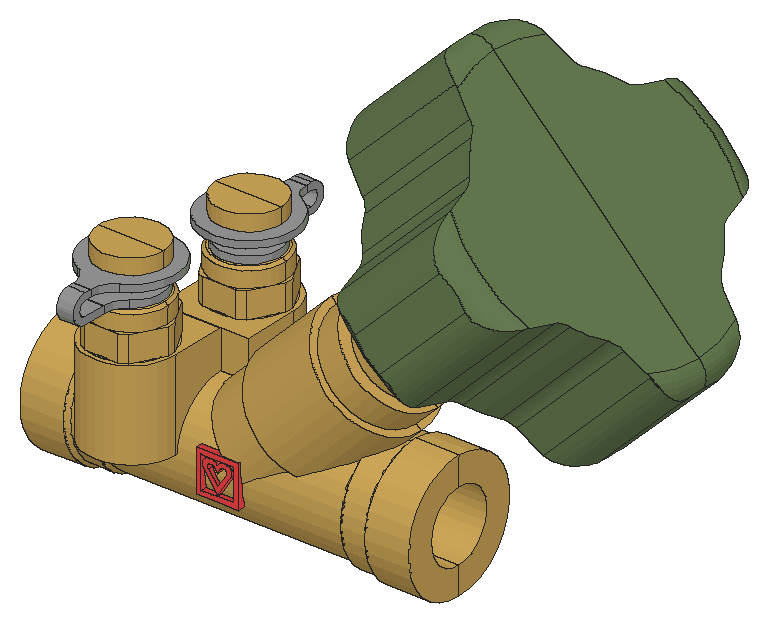
Revit family "HERZ Commissioning Valve With Metering Station For Drinking Water Systems 4017 MW", category Rohrzubehör, Revit 2020
Family settings
  Bemaßung runder Anschluss = Durchmesser verwenden
  Teiletyp = Unterbricht
  OmniClass-Nummer = 23.65.55.14
  OmniClass-Titel = Valves for Liquid Services
  Arbeitsebenenbasiert = Nein
  Immer vertikal = Ja
  Beim Laden mit Abzugskörper schneiden = Nein
  Gemeinsam genutzt = Nein
Parameters
  kvs-value [instance] = if(Nennweite = 15.000 mm, 2, if(Nennweite = 20.000 mm, 3.6, if(Nennweite = 25.000 mm, 6.5, if(Nennweite = 32.000 mm, 13.3, if(Nennweite = 40.000 mm, 18.5, if(Nennweite = 50.000 mm, 33, 0))))))  # 2
  kv-value of the orifice [instance] = if(Nennweite = 15.000 mm, 1.95, if(Nennweite = 20.000 mm, 3.95, if(Nennweite = 25.000 mm, 7.9, if(Nennweite = 32.000 mm, 15.75, if(Nennweite = 40.000 mm, 21.5, if(Nennweite = 50.000 mm, 46.7, 0))))))  # 1.95
  W01 = 45.00°  # constant formula
  Vorgabe-Ansicht = 0.000 mm
  URL = "www.herzvalves.com"
  SW01 = 60.00°  # constant formula
  SCRNSEQ = "FW;SBT_TYP_FW=\"109\";2"
  SCRNCODE = "04;00;02"  # constant formula
  S03 = 60.000 mm  # constant formula
  S02 [instance] = L04 + L06 + L07  # 76.800 mm
  S01 [instance] = D01 * 2  # 27.000 mm
  R03 = 21.500 mm  # constant formula
  R02 = 9.500 mm  # constant formula
  R01 = 12.000 mm  # constant formula
  Part number [instance] = size_lookup("4017_MW_", "Artnr", 0, Nennweite)  # 2401701
  O-Rings = "EPDM"  # constant formula
  Note = "Pursuant to Article 33 of the REACH Regulation (EC No. 1907/2006), we are obliged to point out that the material lead is listed on the SVHC list and that all brass components manufactured in our products exceed 0.1% (w / w) lead (CAS: 7439-92-1 / EINECS: 231-100-4).\r\nSince lead is a component part of an alloy, actual exposure is not possible and therefore no additional information on safe use is necessary."
  Model = "According to standard BS 7350 PN20 Series B\r\nAngle seat regulating valve made of copper alloy.\r\nAll metal parts in contact with water are made of dezincification-resistant copper alloy.\r\nThe upper parts are equipped with non-rising stem."
  Medium = "Water"  # constant formula
  L10 [instance] = size_lookup("4017_MW_", "L10", 1.000 mm, Nennweite)  # 28.500 mm
  L09 [instance] = size_lookup("4017_MW_", "L9", 1.000 mm, Nennweite)  # 22.500 mm
  L08 [instance] = size_lookup("4017_MW_", "L8", 1.000 mm, Nennweite)  # 12.700 mm
  L07 [instance] = size_lookup("4017_MW_", "L7", 1.000 mm, Nennweite)  # 35.100 mm
  L06 [instance] = size_lookup("4017_MW_", "L6", 1.000 mm, Nennweite)  # 6.500 mm
  L05 [instance] = size_lookup("4017_MW_", "L5", 1.000 mm, Nennweite)  # 20.200 mm
  L04 [instance] = size_lookup("4017_MW_", "L4", 1.000 mm, Nennweite)  # 35.200 mm
  L03 [instance] = size_lookup("4017_MW_", "L3", 1.000 mm, Nennweite)  # 1.000 mm
  Hand wheel = "plastic, green"  # constant formula
  H03 [instance] = H01 - 19.000 mm  # 1.000 mm
  H02 = 13.000 mm  # constant formula
  E01 [instance] = L00 / -2  # -41.500 mm
  E00 = 0.000 mm  # constant formula
  D09 [instance] = size_lookup("4017_MW_", "D9", 1.000 mm, Nennweite)  # 11.750 mm
  D08 [instance] = size_lookup("4017_MW_", "D8", 1.000 mm, Nennweite)  # 9.500 mm
  D07 [instance] = size_lookup("4017_MW_", "D7", 1.000 mm, Nennweite)  # 12.000 mm
  D06 [instance] = size_lookup("4017_MW_", "D6", 1.000 mm, Nennweite)  # 13.500 mm
  D05 [instance] = size_lookup("4017_MW_", "D5", 1.000 mm, Nennweite)  # 12.500 mm
  D04 [instance] = Nennweite / 2  # 7.500 mm
  IG [instance] = Nennweite / 2  # 7.500 mm
  D03 [instance] = size_lookup("4017_MW_", "D3", 1.000 mm, Nennweite)  # 11.900 mm
  D02 [instance] = size_lookup("4017_MW_", "D2", 1.000 mm, Nennweite)  # 12.700 mm
  D01 [instance] = size_lookup("4017_MW_", "D1", 1.000 mm, Nennweite)  # 13.500 mm
  Nennweite [instance] = 15.000 mm
  Max. differential pressure on closed seat = 1000000.0 Pa  # constant formula
  Max. operating temperature at 10 bar = 85 °C  # constant formula
  Max. operating pressure at 20°C = 2000000.0 Pa  # constant formula
  L02 [instance] = size_lookup("4017_MW_", "L2", 1.000 mm, Nennweite)  # 5.000 mm
  L01 [instance] = size_lookup("4017_MW_", "L1", 1.000 mm, Nennweite)  # 9.250 mm
  L00 [instance] = size_lookup("4017_MW_", "L", 1.000 mm, Nennweite)  # 83.000 mm
  Hersteller = "HERZ Armaturen Ges.m.b.H."  # constant formula
  H01 [instance] = size_lookup("4017_MW_", "H1", 1.000 mm, Nennweite)  # 20.000 mm
  GT [instance] = size_lookup("4017_MW_", "GT", 1.000 mm, Nennweite)  # 13.200 mm
  DN50 [instance] = Nennweite = 50.000 mm  # no
  DN40 [instance] = Nennweite = 40.000 mm  # no
  DN32 [instance] = Nennweite = 32.000 mm  # no
  DN25 [instance] = Nennweite = 25.000 mm  # no
  DN20 [instance] = Nennweite = 20.000 mm  # no
  DN15 [instance] = Nennweite = 15.000 mm  # yes
  Body = "DZR brass"  # constant formula
  Application = "For shutting off and regulating drinking water systems in buildings or for hydraulic balancing of supply lines."
Reference planes
  plane 1 "Mitte (Vorne/hinten)": y = 0
  plane 2: z = 0
  plane 3 "Mitte (Links/rechts)": x = 0
Forms (mm)
  Revolve 1, solid, material "Messing, weicher Gelbton, geschweißt", detail levels fine
    sketch origin (470, 0, 0) x (1, 0, 0) y (0, 0, 1)
      loop
        line (-511.5, 7.5) -> (-498.3, 7.5) -> (-498.3, 0) -> (-441.7, 0) -> (-441.7, 7.5) -> (-428.5, 7.5) -> (-428.5, 13.5) -> (-437.75, 13.5) -> (-438.55, 12.7) -> (-443.55, 12.7) -> (-444.35, 11.9) -> (-495.65, 11.9) -> (-496.45, 12.7) -> (-501.45, 12.7) -> (-502.25, 13.5) -> (-511.5, 13.5) -> (-511.5, 7.5)
      axis (-511.5, 0) -> (-428.5, 0)
    angle from 0 to 360
  Revolve 2, solid, material "Messing, weicher Gelbton, geschweißt", detail levels fine
    sketch origin (0.32, 0, -0.105) x (1, 0, 0) y (0, 0, 1)
      loop
        line (-1.32, 0.105) -> (52.986, 54.411) -> (44.677, 62.719) -> (35.697, 53.739) -> (37.288, 52.148) -> (21.449, 36.309) -> (19.681, 38.076) -> (15.085, 33.48) -> (14.024, 34.541) -> (-0.259, 20.257) -> (0.448, 19.55) -> (-7.098, 12.005) -> (-6.623, 5.408) -> (-1.32, 0.105)
      axis (-1.32, 0.105) -> (52.986, 54.411)
    angle from 0 to 360
  Extrusion 3, solid, material "Messing, weicher Gelbton, geschweißt", detail levels fine
    sketch origin (0, 0, 0) x (1, 0, 0) y (0, 1, 0)
      loop
        arc (-28.5, -12) -> (-19, -21.5) -> (-9.5, -12) r 9.5
        line (-9.5, -12) -> (-9.5, 0) -> (-28.5, 0) -> (-28.5, -12)
    from 1 <- "H03" to 20 <- "H01"
  Extrusion 4, solid, material "Messing, weicher Gelbton, geschweißt", detail levels fine
    sketch origin (0, 0, 0) x (1, 0, 0) y (0, 1, 0)
      loop
        line (-22.5, 12) -> (-22.5, 0) -> (-3.5, 0) -> (-3.5, 12)
        arc (-3.5, 12) -> (-13, 21.5) -> (-22.5, 12) r 9.5
    from 0 to 20 <- "H01"
Lines and regions (mm)
  model lines, detail levels coarse+medium
    curve 1: line (-41.5, 0, 13.5) -> (-41.5, 0, -13.5)
    curve 2: line (-41.5, 0, -13.5) -> (41.5, 0, 13.5)
    curve 3: line (41.5, 0, 13.5) -> (41.5, 0, -13.5)
    curve 4: line (41.5, 0, -13.5) -> (-41.5, 0, 13.5)
    curve 5: line (0, 0, 0) -> (38.4, 0, 66.511)
    curve 6: line (12.419, 0, 81.511) -> (64.381, 0, 51.511)
    curve 7: line (-41.5, -13.5, 0) -> (-41.5, 13.5, 0)
    curve 8: line (-41.5, 13.5, 0) -> (41.5, -13.5, 0)
    curve 9: line (41.5, -13.5, 0) -> (41.5, 13.5, 0)
    curve 10: line (41.5, 13.5, 0) -> (-41.5, -13.5, 0)
    curve 11: line (0, 0, 0) -> (38.4, 66.511, 0)
    curve 12: line (12.419, 81.511, 0) -> (64.381, 51.511, 0)
Dimensions and locks
  "L00": Revolve 1 sketch curve to Revolve 1 sketch curve
  equal spacing: Revolve 1 sketch curve, plane 3 "Mitte (Links/rechts)", Revolve 1 sketch curve
  "D01": Revolve 1 sketch curve to Revolve 1 sketch curve  (x2)
  "GT": Revolve 1 sketch curve to Revolve 1 sketch curve  (x2)
  "D06": Revolve 2 sketch curve to Revolve 2 sketch curve
  "D07": Revolve 2 sketch curve to Revolve 2 sketch curve
  "D08": Revolve 2 sketch curve to Revolve 2 sketch curve
  "D09": Revolve 2 sketch curve to Revolve 2 sketch curve
  equal spacing: curve 1, plane 3 "Mitte (Links/rechts)", curve 3
  "L00": curve 1 to curve 3
  equal spacing: curve 4, plane 2, curve 2
  "S01": curve 4 to curve 1
  "S01": curve 3 to curve 4
  equal spacing: curve 3, plane 2, curve 4
  "S02": curve 5 to curve 5
  equal spacing: curve 6, curve 5, curve 6
  "S03": curve 6 to curve 6
  equal spacing: curve 7, plane 3 "Mitte (Links/rechts)", curve 9
  "L00": curve 7 to curve 9
  equal spacing: curve 10, plane 1 "Mitte (Vorne/hinten)", curve 8
  "S01": curve 8 to curve 10
  equal spacing: curve 9, plane 1 "Mitte (Vorne/hinten)", curve 10
  "S01": curve 10 to curve 9
  "S02": curve 11 to curve 11
  equal spacing: curve 12, curve 11, curve 12
  "S03": curve 12 to curve 12
  "L01": Revolve 1 sketch curve to Revolve 1 sketch curve  (x2)
  "D02": Revolve 1 sketch curve to plane 2  (x2)
  "D03": Revolve 1 sketch curve to plane 2
  "IG": Revolve 1 sketch curve to plane 2  (x2)
  "L02": Revolve 1 sketch curve to Revolve 1 sketch curve  (x2)
  "L04": Revolve 2 sketch curve to Revolve 2 sketch curve
  "L05": Revolve 2 sketch curve to Revolve 2 sketch curve
  "D03": Revolve 2 sketch curve to plane 2
  "L06": Revolve 2 sketch curve to Revolve 2 sketch curve
  "L08": Revolve 2 sketch curve to Revolve 2 sketch curve
  "L07": Revolve 2 sketch curve to Revolve 2 sketch curve
  "D04": Revolve 2 sketch curve to Revolve 2 sketch curve
  "D05": Revolve 2 sketch curve to Revolve 2 sketch curve
  "L03": plane 3 "Mitte (Links/rechts)" to Revolve 2 sketch curve  (x2)
  "D03": nested 1 to plane 1 "Mitte (Vorne/hinten)"
  "L09": Revolve 1 to Extrusion 3 sketch curve
  "R01": Extrusion 3 sketch curve to plane 1 "Mitte (Vorne/hinten)"
  "R01": plane 1 "Mitte (Vorne/hinten)" to Extrusion 4 sketch curve
  "L10": Revolve 1 to Extrusion 4 sketch curve
  "H01": nested 3 to plane 2
  "H01": nested 2 to plane 2
  "R01": nested 3 to plane 1 "Mitte (Vorne/hinten)"
  "R01": plane 1 "Mitte (Vorne/hinten)" to nested 2
  "L10": Revolve 1 to nested 2
  "L09": Revolve 1 to nested 3
  "R02": radius of Extrusion 3 sketch curve
  "R02": radius of Extrusion 4 sketch curve
  "W01": angle level to Revolve 2 sketch curve
  "SW01": angle plane 2 to curve 5
  "SW01": angle plane 1 "Mitte (Vorne/hinten)" to curve 11
  "W01": angle Revolve 1 sketch curve to Revolve 1 sketch curve  (x4)
  "W01": angle plane 2 to Revolve 2 sketch curve
  aligned and locked: level to plane 2
Automatic sketch dimensions
  curve 5 to level = 0.000 mm
  plane 1 "Mitte (Vorne/hinten)" to curve 11 = 0.000 mm
  Revolve 1 sketch curve to level = 0.000 mm  (x2)
  Revolve 1 sketch curve to Revolve 1 sketch curve = 791.990 mm
  Revolve 1 sketch curve to Revolve 1 sketch curve = 2278.983 mm
  Revolve 2 sketch curve to level = 0.000 mm  (x2)
  plane 1 "Mitte (Vorne/hinten)" to Extrusion 3 sketch curve = 0.000 mm
  plane 1 "Mitte (Vorne/hinten)" to Extrusion 4 sketch curve = 0.000 mm
Nested families
  nested 1: "Herz-Logo-vorne" at (0, -11.9, 0) x (0, 1, 0) z (0, 0, 1), type "Herz-Logo-vorne", detail levels fine
  nested 2: "Messstutzen_Band_Austritt_senkrecht_(oben)" at (-13, 12, 2.5), type "Messstutzen_Band_Austritt_senkrecht_(oben)"
    with Schutzkappe yes, Nennweite 0.000 mm, Gewicht 0.00 kg, Bestellnummer 0
  nested 3: "Messstutzen_Band_Eintritt_senkrecht_(oben)" at (-19, -12, 2.5) x (-1, 0, 0) z (0, 0, 1), type "Messstutzen_Band_Eintritt_senkrecht_(oben)"
    with Schutzkappe yes, Nennweite 0.000 mm, Gewicht 0.00 kg, Bestellnummer 0
  nested 4: "Strangregulierventil-Handrad (Grün) DN15-DN32" at (53.306, 0, 54.306), visible <- "DN15", type "Strangregulierventil-Handrad (Grün) DN15-DN32"
    with Nennweite 0.000 mm, Gewicht 0.00 kg, Bestellnummer 0
  nested 5: "Strangregulierventil-Handrad (Grün) DN15-DN32" at (55.846, 0, 56.846), visible <- "DN20", type "Strangregulierventil-Handrad (Grün) DN15-DN32"
    with Nennweite 0.000 mm, Gewicht 0.00 kg, Bestellnummer 0
  nested 6: "Strangregulierventil-Handrad (Grün) DN15-DN32" at (64.569, 0, 70.069), visible <- "DN25", type "Strangregulierventil-Handrad (Grün) DN15-DN32"
    with Nennweite 0.000 mm, Gewicht 0.00 kg, Bestellnummer 0
  nested 7: "Strangregulierventil-Handrad (Grün) DN15-DN32" at (67.426, 0, 76.226), visible <- "DN32", type "Strangregulierventil-Handrad (Grün) DN15-DN32"
    with Nennweite 0.000 mm, Gewicht 0.00 kg, Bestellnummer 0
  nested 8: "Strangregulierventil-Handrad (Grün) DN40-DN50" at (76.747, 0, 88.247), visible <- "DN40", type "Strangregulierventil-Handrad (Grün) DN40-DN50"
    with Nennweite 0.000 mm, Gewicht 0.00 kg, Bestellnummer 0
  nested 9: "Strangregulierventil-Handrad (Grün) DN40-DN50" at (75.124, 0, 91.924), visible <- "DN50", type "Strangregulierventil-Handrad (Grün) DN40-DN50"
    with Nennweite 0.000 mm, Gewicht 0.00 kg, Bestellnummer 0
Connectors
  piping at (-28.3, 0, 0), diameter 15, driven by "Nennweite"
    settings: on Revolve 1, index 1, connector inside diameter 609.6 mm, connector length 0.000 mm, flow factor 0, pipe flow 0.0 L/s, pressure drop 0.0 Pa, fitting loss kfactor 0, connector angle 0.00°, fixture units 0, engagement length 0.000 mm, angle of deflection 0.00°, flow configuration 0, flow direction 1, fitting loss method 0, system type 29, joint type 0, gender type 0, connector reference index -1, connector utility 0, adjustable connector no, is connector primary yes, connector description ""
  piping at (28.3, 0, 0), diameter 15, driven by "Nennweite"
    settings: on Revolve 1, index 2, connector inside diameter 609.6 mm, connector length 0.000 mm, flow factor 0, pipe flow 0.0 L/s, pressure drop 0.0 Pa, fitting loss kfactor 0, connector angle 0.00°, fixture units 0, engagement length 0.000 mm, angle of deflection 0.00°, flow configuration 0, flow direction 2, fitting loss method 0, system type 29, joint type 0, gender type 0, connector reference index -1, connector utility 0, adjustable connector no, is connector primary no, connector description ""
Definition of nested family "Herz-Logo-vorne"
  Parameters (values of type "Herz-Logo-vorne")
    Default Elevation = 0.000 mm
  Reference planes
    plane 1 "Mitte (Vorne/hinten)": y = 0
    plane 2: z = 0
    plane 3 "Mitte (Links/rechts)": x = 0
  Forms (mm)
    Extrusion 1, solid
      sketch origin (0.732, -0.018, 0.017) x (0, -1, 0) y (0, 0, 1)
        loop
          line (-0.018, -4.517) -> (4.482, -4.517) -> (4.482, 4.483) -> (-4.518, 4.483) -> (-4.518, -4.517) -> (-0.018, -4.517)
        loop
          line (-0.05, -3.48) -> (3.482, -3.48) -> (3.482, 3.483) -> (-3.518, 3.483) -> (-3.518, -3.48) -> (-0.05, -3.48)
        loop
          arc (-0.018, 2.383) -> (-1.543, 3.287) -> (-3.067, 2.383) r 1.738
          arc (-3.067, 2.383) -> (-3.191, 1.899) -> (-3.067, 1.415) r 1.009
          line (-3.067, 1.415) -> (-0.018, -3.281) -> (3.032, 1.415)
          arc (3.032, 1.415) -> (3.156, 1.899) -> (3.032, 2.383) r 1.009
          arc (3.032, 2.383) -> (1.507, 3.287) -> (-0.018, 2.383) r 1.738
        loop
          arc (1.885, 1.272) -> (2.005, 1.675) -> (1.885, 2.079) r 0.74
          arc (1.885, 2.079) -> (1.265, 2.416) -> (0.644, 2.079) r 0.74
          line (0.644, 2.079) -> (-0.018, 0.97) -> (-0.679, 2.079)
          arc (-0.679, 2.079) -> (-1.3, 2.416) -> (-1.921, 2.079) r 0.74
          arc (-1.921, 2.079) -> (-2.04, 1.675) -> (-1.921, 1.272) r 0.74
          line (-1.921, 1.272) -> (-0.018, -1.658) -> (1.885, 1.272)
      from 0 to 1.5
  Dimensions and locks
    aligned and locked: level to plane 2
Definition of nested family "Messstutzen_Band_Austritt_senkrecht_(oben)"
  Parameters (values of type "Messstutzen_Band_Austritt_senkrecht_(oben)")
    Default Elevation = 0.000 mm
    URL = "www.herz-armaturen.at"
    Schutzkappe [instance] = yes
    Nennweite [instance] = 0.000 mm
    Manufacturer = "Herz Armaturen GmbH"  # constant formula
    Gewicht [instance] = 0.00 kg
    Bestellnummer [instance] = 0
  Reference planes
    plane 1 "Mitte (Vorne/hinten)": y = 0
    plane 2: z = 0
    plane 3 "Mitte (Links/rechts)": x = 0
    plane 4 "Schlaufe 1": z = -27
    plane 5 "Schlaufe 2": z = -31.678
  Forms (mm)
    Revolve 1, solid, detail levels fine
      sketch origin (0, 0, 0) x (1, 0, 0) y (0, 0, 1)
        loop
          line (-7.4, 9) -> (-5.55, 9) -> (-5.55, 6)
          arc (-5.55, 6) -> (-5.626, 5.617) -> (-5.843, 5.293) r 1
          line (-5.843, 5.293) -> (-6.455, 4.681) -> (-6.455, 0.9) -> (-5.555, 0) -> (-2, 0) -> (-2, 17.5) -> (-8.4, 17.5)
          arc (-8.4, 17.5) -> (-7.693, 17.207) -> (-7.4, 16.5) r 1
          line (-7.4, 16.5) -> (-7.4, 9)
        loop
          line (-3.7, 27) -> (-7.3, 27) -> (-7.9, 26.4) -> (-7.9, 23) -> (-2, 23) -> (-2, 35.8) -> (-3.805, 35.8) -> (-4.415, 35.19) -> (-4.415, 30.863) -> (-3.7, 30.45) -> (-3.7, 27)
        axis (0, 0) -> (0, 35.8)
      angle from 0 to 360
    Extrusion 2, solid, detail levels fine
      sketch origin (0, 0, 17.5) x (0, 1, 0) y (-1, 0, 0)
        loop
          arc (-7.07, 5.156) -> (-7.578, 4.375) -> (-8, 3.544) r 8.75
          line (-8, 3.544) -> (-8, -3.544)
          arc (-8, -3.544) -> (-7.578, -4.375) -> (-7.07, -5.156) r 8.75
          line (-7.07, -5.156) -> (-0.93, -8.7)
          arc (-0.93, -8.7) -> (0, -8.75) -> (0.93, -8.7) r 8.75
          line (0.93, -8.7) -> (7.07, -5.156)
          arc (7.07, -5.156) -> (7.578, -4.375) -> (8, -3.544) r 8.75
          line (8, -3.544) -> (8, 3.544)
          arc (8, 3.544) -> (7.578, 4.375) -> (7.07, 5.156) r 8.75
          line (7.07, 5.156) -> (0.93, 8.7)
          arc (0.93, 8.7) -> (0, 8.75) -> (-0.93, 8.7) r 8.75
          line (-0.93, 8.7) -> (-7.07, 5.156)
      from 0 to 5.5
    Revolve 3, solid, visible <- "Schutzkappe", detail levels fine
      sketch origin (0, 0, 0) x (1, 0, 0) y (0, 0, 1)
        loop
          line (0, 35.878) -> (0, 36.678) -> (-7, 36.678) -> (-7, 33.378) -> (-6.1, 33.378) -> (-6.1, 31.678) -> (-6.9, 31.678) -> (-6.9, 30.178) -> (-4.415, 30.178) -> (-4.415, 35.268) -> (-3.805, 35.878) -> (0, 35.878)
        axis (0, 30.178) -> (0, 36.678)
      angle from 0 to 360
    Extrusion 4, solid, detail levels fine
      sketch origin (0, 0, 28.5) x (1, 0, 0) y (0, 1, 0)
        loop
          circle (0, 0) r 3.7
        loop
          arc (-3.906, 5.505) -> (0, -6.75) -> (3.906, 5.505) r 6.75
          arc (3.906, 5.505) -> (2.358, 7.288) -> (1.8, 9.582) r 5
          line (1.8, 9.582) -> (-1.8, 9.582)
          arc (-1.8, 9.582) -> (-2.358, 7.288) -> (-3.906, 5.505) r 5
      from 0 to -1.5
    Extrusion 5, solid, detail levels fine
      sketch origin (0, 0, 33.178) x (1, 0, 0) y (0, 1, 0)
        loop
          circle (0, 0) r 6.1
        loop
          arc (-4.495, 8.652) -> (0, -9.75) -> (4.495, 8.652) r 9.75
          arc (4.495, 8.652) -> (2.527, 10.493) -> (1.8, 13.089) r 5
          line (1.8, 13.089) -> (-1.8, 13.089)
          arc (-1.8, 13.089) -> (-2.527, 10.493) -> (-4.495, 8.652) r 5
      from 0 to -1.5
    Sweep 6, solid, detail levels fine
      path origin (0, 0, 0) x (0, 0, -1) y (0, -1, 0)
        loop
          line (-27.75, -9.582) -> (-27.75, -14.522)
          arc (-27.75, -14.522) -> (-30.089, -16.862) -> (-32.428, -14.522) r 2.339
          line (-32.428, -14.522) -> (-32.428, -13.089)
      profile origin (0, 12.052, 27.75) x (0, 0, 1) y (1, 0, 0)
        loop
          line (-0.75, -1.8) -> (0.75, -1.8) -> (0.75, 1.8) -> (-0.75, 1.8) -> (-0.75, -1.8)
  Dimensions and locks
    aligned and locked: level to plane 2
Definition of nested family "Messstutzen_Band_Eintritt_senkrecht_(oben)"
  Parameters (values of type "Messstutzen_Band_Eintritt_senkrecht_(oben)")
    Default Elevation = 0.000 mm
    URL = "www.herz-armaturen.at"
    Schutzkappe [instance] = yes
    Nennweite [instance] = 0.000 mm
    Manufacturer = "Herz Armaturen GmbH"  # constant formula
    Gewicht [instance] = 0.00 kg
    Bestellnummer [instance] = 0
  Reference planes
    plane 1 "Mitte (Vorne/hinten)": y = 0
    plane 2: z = 0
    plane 3 "Mitte (Links/rechts)": x = 0
    plane 4 "Schlaufe 1": z = -27
    plane 5 "Schlaufe 2": z = -31.678
  Forms (mm)
    Revolve 1, solid, detail levels fine
      sketch origin (0, 0, 0) x (1, 0, 0) y (0, 0, 1)
        loop
          line (-7.4, 9) -> (-5.55, 9) -> (-5.55, 6)
          arc (-5.55, 6) -> (-5.626, 5.617) -> (-5.843, 5.293) r 1
          line (-5.843, 5.293) -> (-6.455, 4.681) -> (-6.455, 0.9) -> (-5.555, 0) -> (-2, 0) -> (-2, 17.5) -> (-8.4, 17.5)
          arc (-8.4, 17.5) -> (-7.693, 17.207) -> (-7.4, 16.5) r 1
          line (-7.4, 16.5) -> (-7.4, 9)
        loop
          line (-3.7, 27) -> (-7.3, 27) -> (-7.9, 26.4) -> (-7.9, 23) -> (-2, 23) -> (-2, 35.8) -> (-3.805, 35.8) -> (-4.415, 35.19) -> (-4.415, 30.863) -> (-3.7, 30.45) -> (-3.7, 27)
        axis (0, 0) -> (0, 35.8)
      angle from 0 to 360
    Extrusion 2, solid, detail levels fine
      sketch origin (0, 0, 17.5) x (0, 1, 0) y (-1, 0, 0)
        loop
          arc (-7.07, 5.156) -> (-7.578, 4.375) -> (-8, 3.544) r 8.75
          line (-8, 3.544) -> (-8, -3.544)
          arc (-8, -3.544) -> (-7.578, -4.375) -> (-7.07, -5.156) r 8.75
          line (-7.07, -5.156) -> (-0.93, -8.7)
          arc (-0.93, -8.7) -> (0, -8.75) -> (0.93, -8.7) r 8.75
          line (0.93, -8.7) -> (7.07, -5.156)
          arc (7.07, -5.156) -> (7.578, -4.375) -> (8, -3.544) r 8.75
          line (8, -3.544) -> (8, 3.544)
          arc (8, 3.544) -> (7.578, 4.375) -> (7.07, 5.156) r 8.75
          line (7.07, 5.156) -> (0.93, 8.7)
          arc (0.93, 8.7) -> (0, 8.75) -> (-0.93, 8.7) r 8.75
          line (-0.93, 8.7) -> (-7.07, 5.156)
      from 0 to 5.5
    Revolve 3, solid, visible <- "Schutzkappe", detail levels fine
      sketch origin (0, 0, 0) x (1, 0, 0) y (0, 0, 1)
        loop
          line (0, 35.878) -> (0, 36.678) -> (-7, 36.678) -> (-7, 33.378) -> (-6.1, 33.378) -> (-6.1, 31.678) -> (-6.9, 31.678) -> (-6.9, 30.178) -> (-4.415, 30.178) -> (-4.415, 35.268) -> (-3.805, 35.878) -> (0, 35.878)
        axis (0, 30.178) -> (0, 36.678)
      angle from 0 to 360
    Extrusion 4, solid, detail levels fine
      sketch origin (0, 0, 28.5) x (1, 0, 0) y (0, 1, 0)
        loop
          circle (0, 0) r 3.7
        loop
          arc (-3.906, 5.505) -> (0, -6.75) -> (3.906, 5.505) r 6.75
          arc (3.906, 5.505) -> (2.358, 7.288) -> (1.8, 9.582) r 5
          line (1.8, 9.582) -> (-1.8, 9.582)
          arc (-1.8, 9.582) -> (-2.358, 7.288) -> (-3.906, 5.505) r 5
      from 0 to -1.5
    Extrusion 5, solid, detail levels fine
      sketch origin (0, 0, 33.178) x (1, 0, 0) y (0, 1, 0)
        loop
          circle (0, 0) r 6.1
        loop
          arc (-4.495, 8.652) -> (0, -9.75) -> (4.495, 8.652) r 9.75
          arc (4.495, 8.652) -> (2.527, 10.493) -> (1.8, 13.089) r 5
          line (1.8, 13.089) -> (-1.8, 13.089)
          arc (-1.8, 13.089) -> (-2.527, 10.493) -> (-4.495, 8.652) r 5
      from 0 to -1.5
    Sweep 6, solid, detail levels fine
      path origin (0, 0, 0) x (0, 0, -1) y (0, -1, 0)
        loop
          line (-27.75, -9.582) -> (-27.75, -14.522)
          arc (-27.75, -14.522) -> (-30.089, -16.862) -> (-32.428, -14.522) r 2.339
          line (-32.428, -14.522) -> (-32.428, -13.089)
      profile origin (0, 12.052, 27.75) x (0, 0, 1) y (1, 0, 0)
        loop
          line (-0.75, -1.8) -> (0.75, -1.8) -> (0.75, 1.8) -> (-0.75, 1.8) -> (-0.75, -1.8)
  Dimensions and locks
    aligned and locked: level to plane 2
Definition of nested family "Strangregulierventil-Handrad (Grün) DN15-DN32"
  Parameters (values of type "Strangregulierventil-Handrad (Grün) DN15-DN32")
    Default Elevation = 0.000 mm
    URL = "www.herz-armaturen.at"
    Nennweite [instance] = 0.000 mm
    Manufacturer = "Herz Armaturen GmbH"  # constant formula
    Gewicht [instance] = 0.00 kg
    Bestellnummer [instance] = 0
  Reference planes
    plane 1 "Mitte (Vorne/hinten)": y = 0
    plane 2: z = 0
    plane 3 "Mitte (Links/rechts)": x = 0
  Forms (mm)
    Revolve 1, solid, detail levels fine
      sketch origin (0, 0, 0) x (0.707107, 0, -0.707107) y (0.707107, 0, 0.707107)
        loop
          line (0, 0) -> (0, 24.95) -> (-30.992, 24.95)
          arc (-30.992, 24.95) -> (-34.37, 23.636) -> (-35.973, 20.386) r 5
          line (-35.973, 20.386) -> (-37, 8.65) -> (-35.986, -2.936)
          arc (-35.986, -2.936) -> (-34.383, -6.186) -> (-31.005, -7.5) r 5
          line (-31.005, -7.5) -> (-15, -7.5) -> (-15, 0) -> (0, 0)
        axis (0, 24.95) -> (0, -7.5)
      angle from 0 to 360
    Extrusion 2, void
      sketch origin (14.354, 0, 14.354) x (0.707107, 0, -0.707107) y (0, 1, 0)
        loop
          line (3.861, 35.5) -> (-3.861, 35.5)
          arc (-3.861, 35.5) -> (-8.731, 33.847) -> (-11.589, 29.571) r 8
          line (-11.589, 29.571) -> (-13.284, 23.245)
          arc (-13.284, 23.245) -> (-13.982, 21.722) -> (-15.144, 20.516) r 5
          arc (-15.144, 20.516) -> (-18.031, 18.031) -> (-20.516, 15.144) r 25.5
          arc (-20.516, 15.144) -> (-21.722, 13.982) -> (-23.245, 13.284) r 5
          line (-23.245, 13.284) -> (-29.571, 11.589)
          arc (-29.571, 11.589) -> (-33.847, 8.731) -> (-35.5, 3.861) r 8
          line (-35.5, 3.861) -> (-35.5, -3.861)
          arc (-35.5, -3.861) -> (-33.847, -8.731) -> (-29.571, -11.589) r 8
          line (-29.571, -11.589) -> (-23.245, -13.284)
          arc (-23.245, -13.284) -> (-21.722, -13.982) -> (-20.516, -15.144) r 5
          arc (-20.516, -15.144) -> (-18.031, -18.031) -> (-15.144, -20.516) r 25.5
          arc (-15.144, -20.516) -> (-13.982, -21.722) -> (-13.284, -23.245) r 5
          line (-13.284, -23.245) -> (-11.589, -29.571)
          arc (-11.589, -29.571) -> (-8.731, -33.847) -> (-3.861, -35.5) r 8
          line (-3.861, -35.5) -> (3.861, -35.5)
          arc (3.861, -35.5) -> (8.731, -33.847) -> (11.589, -29.571) r 8
          line (11.589, -29.571) -> (13.284, -23.245)
          arc (13.284, -23.245) -> (13.982, -21.722) -> (15.144, -20.516) r 5
          arc (15.144, -20.516) -> (18.031, -18.031) -> (20.516, -15.144) r 25.5
          arc (20.516, -15.144) -> (21.722, -13.982) -> (23.245, -13.284) r 5
          line (23.245, -13.284) -> (29.571, -11.589)
          arc (29.571, -11.589) -> (33.847, -8.731) -> (35.5, -3.861) r 8
          line (35.5, -3.861) -> (35.5, 3.861)
          arc (35.5, 3.861) -> (33.847, 8.731) -> (29.571, 11.589) r 8
          line (29.571, 11.589) -> (23.245, 13.284)
          arc (23.245, 13.284) -> (21.722, 13.982) -> (20.516, 15.144) r 5
          arc (20.516, 15.144) -> (18.031, 18.031) -> (15.144, 20.516) r 25.5
          arc (15.144, 20.516) -> (13.982, 21.722) -> (13.284, 23.245) r 5
          line (13.284, 23.245) -> (11.589, 29.571)
          arc (11.589, 29.571) -> (8.731, 33.847) -> (3.861, 35.5) r 8
        loop
          circle (0, 0) r 38
      from -31.266 to 7.923
  Cuts and joins
    Extrusion 2 cuts Revolve 1
  Dimensions and locks
    Revolve 1 sketch curve to Revolve 1 sketch curve = 15.000 mm
    Revolve 1 sketch curve to Revolve 1 sketch curve = 16.150 mm
    Revolve 1 sketch curve to Revolve 1 sketch curve = 16.300 mm
    angle Revolve 1 sketch curve to Revolve 1 sketch curve = 95.00°
    aligned and locked: level to plane 2
Definition of nested family "Strangregulierventil-Handrad (Grün) DN40-DN50"
  Parameters (values of type "Strangregulierventil-Handrad (Grün) DN40-DN50")
    Default Elevation = 0.000 mm
    URL = "www.herz-armaturen.at"
    Nennweite [instance] = 0.000 mm
    Manufacturer = "Herz Armaturen GmbH"  # constant formula
    Gewicht [instance] = 0.00 kg
    Bestellnummer [instance] = 0
  Reference planes
    plane 1 "Mitte (Vorne/hinten)": y = 0
    plane 2: z = 0
    plane 3 "Mitte (Links/rechts)": x = 0
  Forms (mm)
    Revolve 1, solid, detail levels fine
      sketch origin (0, 0, 0) x (0.707107, 0, -0.707107) y (0.707107, 0, 0.707107)
        loop
          line (0, 0) -> (0, 24.95) -> (-50.992, 24.95)
          arc (-50.992, 24.95) -> (-54.37, 23.636) -> (-55.973, 20.386) r 5
          line (-55.973, 20.386) -> (-57, 8.65) -> (-55.986, -2.936)
          arc (-55.986, -2.936) -> (-54.383, -6.186) -> (-51.005, -7.5) r 5
          line (-51.005, -7.5) -> (-15, -7.5) -> (-15, 0) -> (0, 0)
        axis (0, 24.95) -> (0, -7.5)
      angle from 0 to 360
    Extrusion 2, void
      sketch origin (14.354, 0, 14.354) x (0.707107, 0, -0.707107) y (0, 1, 0)
        loop
          line (-55, 6.292) -> (-55, -6.292)
          arc (-55, -6.292) -> (-52.52, -13.597) -> (-46.106, -17.883) r 12
          line (-46.106, -17.883) -> (-35.399, -20.752)
          arc (-35.399, -20.752) -> (-33.541, -21.612) -> (-32.08, -23.047) r 6
          arc (-32.08, -23.047) -> (-27.931, -27.931) -> (-23.047, -32.08) r 39.5
          arc (-23.047, -32.08) -> (-21.612, -33.541) -> (-20.752, -35.399) r 6
          line (-20.752, -35.399) -> (-17.883, -46.106)
          arc (-17.883, -46.106) -> (-13.597, -52.52) -> (-6.292, -55) r 12
          line (-6.292, -55) -> (6.292, -55)
          arc (6.292, -55) -> (13.597, -52.52) -> (17.883, -46.106) r 12
          line (17.883, -46.106) -> (20.752, -35.399)
          arc (20.752, -35.399) -> (21.612, -33.541) -> (23.047, -32.08) r 6
          arc (23.047, -32.08) -> (27.931, -27.931) -> (32.08, -23.047) r 39.5
          arc (32.08, -23.047) -> (33.541, -21.612) -> (35.399, -20.752) r 6
          line (35.399, -20.752) -> (46.106, -17.883)
          arc (46.106, -17.883) -> (52.52, -13.597) -> (55, -6.292) r 12
          line (55, -6.292) -> (55, 6.292)
          arc (55, 6.292) -> (52.52, 13.597) -> (46.106, 17.883) r 12
          line (46.106, 17.883) -> (35.399, 20.752)
          arc (35.399, 20.752) -> (33.541, 21.612) -> (32.08, 23.047) r 6
          arc (32.08, 23.047) -> (27.931, 27.931) -> (23.047, 32.08) r 39.5
          arc (23.047, 32.08) -> (21.612, 33.541) -> (20.752, 35.399) r 6
          line (20.752, 35.399) -> (17.883, 46.106)
          arc (17.883, 46.106) -> (13.597, 52.52) -> (6.292, 55) r 12
          line (6.292, 55) -> (-6.292, 55)
          arc (-6.292, 55) -> (-13.597, 52.52) -> (-17.883, 46.106) r 12
          line (-17.883, 46.106) -> (-20.752, 35.399)
          arc (-20.752, 35.399) -> (-21.612, 33.541) -> (-23.047, 32.08) r 6
          arc (-23.047, 32.08) -> (-27.931, 27.931) -> (-32.08, 23.047) r 39.5
          arc (-32.08, 23.047) -> (-33.541, 21.612) -> (-35.399, 20.752) r 6
          line (-35.399, 20.752) -> (-46.106, 17.883)
          arc (-46.106, 17.883) -> (-52.52, 13.597) -> (-55, 6.292) r 12
        loop
          circle (0, 0) r 60
      from -31.161 to 7.489
  Cuts and joins
    Extrusion 2 cuts Revolve 1
  Dimensions and locks
    Revolve 1 sketch curve to Revolve 1 sketch curve = 15.000 mm
    Revolve 1 sketch curve to Revolve 1 sketch curve = 16.150 mm
    Revolve 1 sketch curve to Revolve 1 sketch curve = 16.300 mm
    Revolve 1 sketch curve to Revolve 1 sketch curve = 57.000 mm
    angle Revolve 1 sketch curve to Revolve 1 sketch curve = 95.00°
    aligned and locked: level to plane 2
